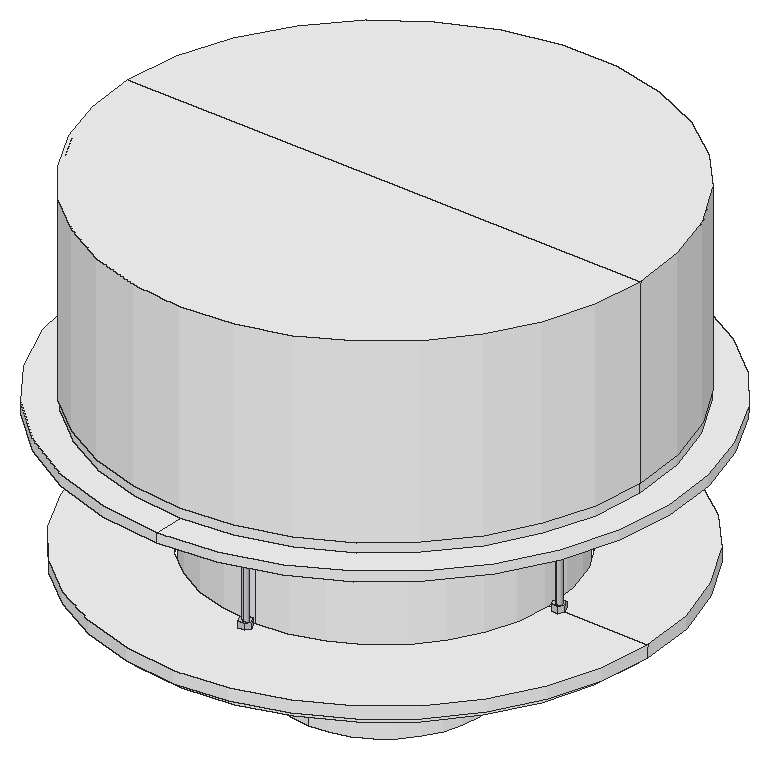
Revit family "R1200-JD-M-G5H", category Plumbing Fixtures, host Face, Revit 2018
Family settings
  Host = Face
  Round Connector Dimension = Use Radius
  Part Type = Normal
  Cut with Voids When Loaded = No
  Shared = No
  Room Calculation Point = No
Parameters (values of type "R1205,6-JD-M-G5H _5" Drain Pipe Size")
  WFU = 0
  URL = "WWW.MIFAB.COM"
  Pipe Radius = Pipe Diameter / 2  # 0' - 2 1/2"
  Pipe Diameter = 0' - 5"
  No Hub Standard Height = 0' - 6 3/4"
  Model = "R1205,6-JD-M-G5H"
  Manufacturer = "MIFAB"
  Floor Drain Material = Paint - Sherwin Williams Paint - #952C2A - Bellwood Red
  Description = "LARGE GREEN ROOF DRAIN WITH PERFORATED S.S. 5\" HIGH BALLAST GUARD AND REMOVABLE COVER WITH LIFT HANDLE"
  Default Elevation = 0' - 0"
  CWFU = 0
  Bottom Height = 0' - 3 1/2"
  Assembly Code = ""
Types (7): name | Pipe Radius | Pipe Diameter | No Hub Standard Height | Model
  (no name) | 0' - 2 1/2" | 0' - 5" | 0' - 6 3/4" | "R1205,6-JD-M-G5H"
  R1205,6-JD-M-G5H _6" Drain Pipe Size | 0' - 3" | 0' - 6" | 0' - 6 1/2" | "R1205,6-JD-M-G5H"
  R1208-JD-M-G5H_8" Drain Pipe Size | 0' - 4" | 0' - 8" | 0' - 6 1/2" | "R1208-JD-M-G5H"
  R1205,6-JD-M-G5H _5" Drain Pipe Size | 0' - 2 1/2" | 0' - 5" | 0' - 6 3/4" | "R1205,6-JD-M-G5H"
  R1202,3,4-JD-M-G5H_4" Drain Pipe Size | 0' - 2" | 0' - 4" | 0' - 6 1/2" | "R1202,3,4-JD-M-G5H"
  R1202,3,4-JD-M-G5H_3" Drain Pipe Size | 0' - 1 1/2" | 0' - 3" | 0' - 6 1/2" | "R1202,3,4-JD-M-G5H"
  R1202,3,4-JD-M-G5H _2" Drain Pipe Size | 0' - 1" | 0' - 2" | 0' - 6 1/2" | "R1202,3,4-JD-M-G5H"
Reference planes (in)
  plane 1 "Center (Front/Back)": y = 0
  plane 2: z = 0
  plane 3 "Center (Left/Right)": x = 0
  plane 4: z = -7.25
  plane 5: z = -3
  plane 6: z = -5.25
  plane 7: y = -2.5
  plane 8: y = 2.5
  plane 9: x = -2.5
  plane 10: x = 2.5
  plane 11: z = 5
  plane 12: x = 7.5
  plane 13: x = -7.5
  plane 14: y = 7.5
  plane 15: y = -7.5
  plane 16: z = -5.14286
  plane 17: z = -0.25
  plane 18: z = -6.75
  plane 19: y = 3.75
  plane 20: y = -3.75
  plane 21: y = 4.8125
  plane 22: y = -4.8125
  plane 23: x = 6.23869
  plane 24: x = 6.75
  plane 25: x = -6.75
  plane 26: z = 4.5
  plane 27: z = -3.5
  plane 28: z = -4.26379
Forms (in)
  Revolve 1, solid, material "Paint - Sherwin Williams Paint - #952C2A - Bellwood Red" <- "Floor Drain Material"
    sketch origin (0, 0.04396, -2.375) x (0, 1, 0) y (0, 0, 1)
      loop
        line (-4.16896, 2.375) -> (-7.54396, 2.375) -> (-7.54396, 2.125) -> (-4.85646, 2.125) -> (-4.85646, 1.375) -> (-4.29396, 1.375) -> (-4.29396, -2.3125) -> (-2.54396, -2.3125) -> (-2.54396, -4.375) -> (-2.29396, -4.375) -> (-2.29396, -2.0625) -> (-3.66896, -2.0625) -> (-3.66896, -0.625) -> (-4.16896, -0.625) -> (-4.16896, 2.375)
      axis (-0.04396, 2.375) -> (-0.04396, -4.375)
    angle from 0 to 360
  Revolve 2, solid, material "Paint - Sherwin Williams Paint - #952C2A - Bellwood Red" <- "Floor Drain Material"
    sketch origin (0, 0, 7.5) x (1, 0, 0) y (0, 0, 1)
      loop
        line (6.75, -2.5) -> (0, -2.5) -> (0, -2.56366) -> (6.68634, -2.56366) -> (6.68634, -7.25) -> (6.75, -7.25) -> (6.75, -2.5)
      axis (0, -7.25) -> (0, -2.5)
    angle from 0 to 360
  Revolve 3, solid, material "Paint - Sherwin Williams Paint - #952C2A - Bellwood Red" <- "Floor Drain Material"
    sketch origin (0, 0, 0) x (1, 0, 0) y (0, 0, 1)
      loop
        line (6.72286, 0) -> (6.72286, 0.25) -> (6.46702, 0.25) -> (6.46702, 0.57791) -> (6.17015, 0.57791) -> (6.17015, 0.25) -> (5.47336, 0.25) -> (4.30025, 3.65696)
        arc (4.30025, 3.65696) -> (3.84423, 4.26764) -> (3.11835, 4.5) r 1.25
        line (3.11835, 4.5) -> (0, 4.5) -> (0, 4.25) -> (3.11835, 4.25)
        arc (3.11835, 4.25) -> (3.69905, 4.06412) -> (4.06387, 3.57557) r 1
        line (4.06387, 3.57557) -> (5.20895, 0.25) -> (0, 0.25) -> (0, 0) -> (6.72286, 0)
      axis (0, 0) -> (0, 4.5)
    angle from 0 to 360
  Revolve 4, solid, material "Paint - Sherwin Williams Paint - #952C2A - Bellwood Red" <- "Floor Drain Material"
    sketch origin (0, 0, 0) x (1, 0, 0) y (0, 0, 1)
      loop
        line (6.9375, -3.5) -> (4.35041, -3.5) -> (4.35041, -4.01379) -> (5.35041, -4.01379) -> (5.35041, -4.26379) -> (5.85041, -4.26379) -> (5.85041, -4.01379) -> (6.6875, -4.01379) -> (6.6875, -3.80633) -> (6.9375, -3.80633) -> (6.9375, -3.5)
      axis (0, -4.26379) -> (0, -3.5)
    angle from 0 to 360
Lines and regions (in)
  model lines, not visible
    curve 1: line (6.7156, 0, 9.07611) -> (12.5156, 0, 9.07611)
    curve 2: line (12.5156, 0, 9.07611) -> (12.5156, 0, 10.82611)
    curve 3: line (12.5156, 0, 10.82611) -> (6.7156, 0, 10.82611)
    curve 4: line (6.7156, 0, 10.82611) -> (6.7156, 0, 9.07611)
    curve 5: line (7.13163, 0, 10.86539) -> (7.13163, 0, 12.86539)
    curve 6: line (7.13163, 0, 12.86539) -> (15.53163, 0, 12.86539)
    curve 7: line (15.53163, 0, 12.86539) -> (15.53163, 0, 10.86539)
    curve 8: line (11.33163, 0, 12.86539) -> (11.33163, 0, 12.36539)
    curve 9: line (0, 28.52778, -10.8585) -> (0, 28.52778, -8.6085)
    curve 10: line (0, 28.52778, -8.6085) -> (0, 21.02778, -8.6085)
    curve 11: line (0, 21.02778, -8.6085) -> (0, 21.02778, -10.8585)
    curve 12: line (0, 24.77778, -8.6085) -> (0, 24.77778, -9.1085)
    curve 13: line (13.30546, 0, 10.44272) -> (13.30546, 0, 12.69272)
    curve 14: line (13.30546, 0, 12.69272) -> (26.80546, 0, 12.69272)
    curve 15: line (26.80546, 0, 12.69272) -> (26.80546, 0, 10.44272)
    curve 16: line (20.05546, 0, 12.69272) -> (20.05546, 0, 13.19272)
Dimensions and locks (in)
  locked: plane 5 to plane 4 at 4.25
  equal spacing: plane 8, plane 1 "Center (Front/Back)", plane 7
  "Pipe Diameter": plane 8 to plane 7
  "Pipe Radius": plane 1 "Center (Front/Back)" to plane 7
  plane 11 to level = 0' - 5"
  plane 13 to plane 3 "Center (Left/Right)" to plane 12 = 0' - 7 1/2" locked, 0' - 7 1/2" locked
  plane 13 to plane 12 = 1' - 3"  (x3)
  plane 15 to plane 1 "Center (Front/Back)" to plane 14 = 0' - 7 1/2" locked, 0' - 7 1/2" locked
  plane 15 to plane 14 = 1' - 3"
  locked: plane 2 to plane 17 at 0.25
  "No Hub Standard Height": plane 2 to plane 18
  equal spacing: plane 19, plane 1 "Center (Front/Back)", plane 20
  plane 19 to plane 20 = 0' - 7 1/2"
  locked: Revolve 1 sketch curve to plane 15 at 2.6875
  plane 21 to plane 22 = 0' - 9 5/8"
  locked: plane 6 to plane 18 at 1.5
  Revolve 1 sketch curve to plane 22 = 0' - 0 9/16"
  locked: plane 11 to plane 2 at 5
  plane 26 to level = 0' - 4 1/2"
  locked: plane 27 to plane 28 at 0.76379
  "Bottom Height": plane 2 to plane 27
  aligned and locked: plane 2 to host face
  aligned and locked: level to host face
  aligned and locked: Revolve 1 sketch curve to plane 18
  aligned and locked: plane 17 to Revolve 1 sketch curve
  aligned and locked: plane 15 to Revolve 1 sketch curve
  aligned and locked: Revolve 2 sketch curve to plane 11
  aligned and locked: plane 3 "Center (Left/Right)" to Revolve 2 sketch curve
  aligned and locked: plane 27 to Revolve 4 sketch curve
  aligned and locked: plane 28 to Revolve 4 sketch curve
  aligned and locked: plane 1 "Center (Front/Back)" to nested 1
  aligned and locked: nested 1 to Revolve 1
  aligned and locked: nested 2 to Revolve 1
  aligned and locked: nested 3 to Revolve 1
  aligned and locked: nested 4 to Revolve 1
  aligned and locked: nested 2 to plane 1 "Center (Front/Back)"
  aligned and locked: plane 3 "Center (Left/Right)" to nested 4
  aligned and locked: plane 3 "Center (Left/Right)" to nested 3
Automatic sketch dimensions
  curve 5 to curve 7 = 0' - 8.4"
  curve 5 to curve 8 = 0' - 4.2"
  curve 5 to curve 5 = 0' - 2"
  curve 7 to curve 6 = 0' - 2"
  curve 8 to curve 8 = 0' - 0 1/2"
  host sketch curve to host sketch curve = 8' - 0"  (x2)
  Revolve 1 sketch curve to plane 5 = 0' - 0"
  Revolve 1 sketch curve to level = 0' - 0"
  plane 20 to Revolve 1 sketch curve = 0' - 0 1/8"
  Revolve 1 sketch curve to plane 7 = 0' - 0"
  Revolve 1 sketch curve to plane 1 "Center (Front/Back)" = 0' - 0"
  Revolve 1 sketch curve to plane 4 = 0' - 0"
  plane 6 to Revolve 1 sketch curve = 0' - 0 9/16"
  Revolve 1 sketch curve to plane 20 = 0' - 0 3/8"
  Revolve 1 sketch curve to plane 7 = 0' - 0 1/4"
  plane 6 to Revolve 1 sketch curve = 0' - 0 13/16"
  Revolve 1 sketch curve to plane 17 = 0' - 0 3/4"
  Revolve 1 sketch curve to plane 5 = 0' - 0 1/4"
  Revolve 3 sketch curve to Revolve 3 sketch curve = 0' - 0"  (x2)
  Revolve 3 sketch curve to plane 3 "Center (Left/Right)" = 0' - 0"  (x3)
  Revolve 3 sketch curve to level = 0' - 0"
  Revolve 3 sketch curve to plane 26 = 0' - 0"
  Revolve 3 sketch curve to plane 10 = 0' - 0.61835"
  Revolve 3 sketch curve to plane 26 = 0' - 0.92443"
  Revolve 3 sketch curve to Revolve 3 sketch curve = 0' - 0.94552"
  Revolve 3 sketch curve to plane 26 = 0' - 0.84304"
  Revolve 3 sketch curve to Revolve 3 sketch curve = 0' - 0.23638"
  level to Revolve 3 sketch curve = 0' - 0 1/4"  (x2)
  Revolve 3 sketch curve to plane 23 = 0' - 1.02973"
  Revolve 3 sketch curve to Revolve 3 sketch curve = 0' - 0.26441"
  Revolve 3 sketch curve to plane 23 = 0' - 0.06854"
  plane 23 to Revolve 3 sketch curve = 0' - 0.22834"
  Revolve 3 sketch curve to plane 24 = 0' - 0.02714"
  Revolve 3 sketch curve to Revolve 3 sketch curve = 0' - 0 1/4"
  Revolve 3 sketch curve to Revolve 3 sketch curve = 0' - 0.32791"
  plane 11 to Revolve 3 sketch curve = 0' - 2.65404"
  Revolve 3 sketch curve to Revolve 3 sketch curve = 0' - 1 3/4"
  Revolve 2 sketch curve to plane 3 "Center (Left/Right)" = 0' - 0"
  Revolve 2 sketch curve to plane 24 = 0' - 0"
  Revolve 2 sketch curve to plane 26 = 0' - 0"
  level to Revolve 2 sketch curve = 0' - 0 1/4"
  Revolve 2 sketch curve to plane 24 = 0' - 0.06366"
  Revolve 2 sketch curve to plane 26 = 0' - 0 1/2"
  Revolve 2 sketch curve to plane 11 = 0' - 0.06366"
  Revolve 4 sketch curve to plane 3 "Center (Left/Right)" = 0' - 0"
  Revolve 4 sketch curve to plane 10 = 0' - 1.85041"
  Revolve 4 sketch curve to plane 23 = 0' - 0.88828"
  Revolve 4 sketch curve to plane 23 = 0' - 0.38828"
  Revolve 4 sketch curve to plane 24 = 0' - 0 1/16"
  plane 24 to Revolve 4 sketch curve = 0' - 0 3/16"
  Revolve 4 sketch curve to Revolve 4 sketch curve = 0' - 0 1/4"  (x2)
  Revolve 4 sketch curve to Revolve 4 sketch curve = 0' - 0.20746"
  plane 11 to Revolve 4 sketch curve = 0' - 11.79464"
  Revolve 4 sketch curve to Revolve 4 sketch curve = 0' - 2 1/4"
Nested families (in)
  nested 1: "Bolt1" at (-4.55567, 0, -4.01379), type "Bolt1"
    with Height 0' - 3.01379"
  nested 2: "Bolt1" at (4.58798, 0, -4.01379) x (0, 1, 0) z (0, 0, 1), type "Bolt1"
    with Height 0' - 3.01379"
  nested 3: "Bolt1" at (0, 4.57488, -4.01379) x (0, 1, 0) z (0, 0, 1), type "Bolt1"
    with Height 0' - 3.01379"
  nested 4: "Bolt1" at (0, -4.57063, -4.01379) x (0, 1, 0) z (0, 0, 1), type "Bolt1"
    with Height 0' - 3.01379"
Connectors (in)
  piping at (0, 0, -6.75), diameter 5, driven by "Pipe Radius", driven by "WFU"
    settings: on Revolve 1, index 2, connector inside diameter 2", connector length 0' - 0", flow factor 0, pipe flow 0 GPM, pressure drop 0.00 psi, fitting loss kfactor 0, connector angle 0.00°, fixture units 0, engagement length 0' - 0", angle of deflection 0.00°, flow configuration 3, flow direction 2, fitting loss method 0, system type 16, joint type 0, gender type 0, connector reference index -1, connector utility 0, adjustable connector no, is connector primary yes, connector description "Sanitary Out"
Definition of nested family "Bolt1"
  Parameters (values of type "Bolt1")
    Material = none
    Height [instance] = 1' - 1.38583"
    Default Elevation = 4' - 0"
  Reference planes (in)
    plane 1 "Center (Front/Back)": y = 0
    plane 2: z = 0
    plane 3 "Center (Left/Right)": x = 0
    plane 4: z = 13.38583
    plane 5: z = 0.51562
    plane 6: z = 0.67452
  Forms (in)
    Extrusion 1, solid
      sketch origin (0, 0, 0) x (1, 0, 0) y (0, 1, 0)
        loop
          line (-48, 48) -> (-48, -48) -> (48, -48) -> (48, 48) -> (-48, 48)
      from 0 to -12
    Revolve 2, solid, material <- "Material"
      sketch origin (0, 0, 0) x (1, 0, 0) y (0, 0, 1)
        loop
          line (0, 13.38583) -> (0, -0.33562) -> (0.11073, -0.33562) -> (0.11073, -0.09843) -> (0.20961, -0.09843) -> (0.20961, 0) -> (0.07382, 0) -> (0.07382, 12.93209) -> (0.11234, 12.93209)
          arc (0.11234, 12.93209) -> (0.14919, 12.94735) -> (0.16446, 12.9842) r 0.05211
          line (0.16446, 12.9842) -> (0.16446, 13.38583) -> (0, 13.38583)
        axis (0, -0.33562) -> (0, 13.38583)
      angle from 0 to 360
    Extrusion 3, solid, material <- "Material"
      sketch origin (0, 0, 0) x (1, 0, 0) y (0, 1, 0)
        loop
          line (0, 0.16446) -> (-0.14242, 0.08223) -> (-0.14242, -0.08223) -> (0, -0.16446) -> (0.14242, -0.08223) -> (0.14242, 0.08223) -> (0, 0.16446)
      from 0.51562 to 0.67452
  Dimensions and locks (in)
    "Height": plane 4 to plane 2
    aligned and locked: plane 2 to Extrusion 1
    aligned and locked: level to Extrusion 1
    aligned and locked: Revolve 2 sketch curve to plane 3 "Center (Left/Right)"
    aligned and locked: Extrusion 1 to Revolve 2 sketch curve
    aligned and locked: Extrusion 3 to plane 5
    aligned and locked: plane 6 to Extrusion 3
  Automatic sketch dimensions
    Extrusion 1 sketch curve to Extrusion 1 sketch curve = 8' - 0"  (x2)
    Revolve 2 sketch curve to plane 3 "Center (Left/Right)" = 0' - 0"
    Revolve 2 sketch curve to plane 4 = 0' - 0"
    plane 3 "Center (Left/Right)" to Revolve 2 sketch curve = 0' - 0.07382"
    Revolve 2 sketch curve to Revolve 2 sketch curve = 0' - 0.11073"
    Revolve 2 sketch curve to Revolve 2 sketch curve = 0' - 0.03852"
    plane 3 "Center (Left/Right)" to Revolve 2 sketch curve = 0' - 0.16446"
    Revolve 2 sketch curve to Revolve 2 sketch curve = 0' - 0.13579"
    Revolve 2 sketch curve to level = 0' - 0.09843"
    Revolve 2 sketch curve to Revolve 2 sketch curve = 0' - 0.23719"
    Revolve 2 sketch curve to plane 4 = 0' - 0.45374"
    Revolve 2 sketch curve to Revolve 2 sketch curve = 0' - 5.38878"
    Revolve 2 sketch curve to Revolve 2 sketch curve = 0' - 5.51181"
